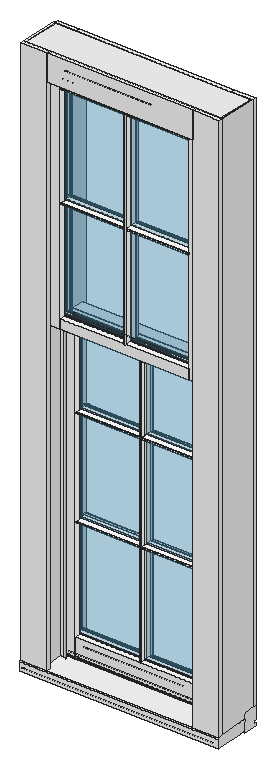
Revit family "B1-46", category Generic Models, Revit 2012 (continued)
Automatic sketch dimensions
  Extrusion 53 sketch curve to Extrusion 53 sketch curve = 0.819 mm
  Extrusion 53 sketch curve to Extrusion 53 sketch curve = 0.456 mm
  plane 1 "Center (Front/Back)" to Extrusion 53 sketch curve = 1.25 mm  (x3)
  plane 15 to Extrusion 53 sketch curve = 7 mm
  Extrusion 53 sketch curve to plane 1 "Center (Front/Back)" = 61.75 mm
  Extrusion 53 sketch curve to Extrusion 53 sketch curve = 4 mm
  plane 12 to Extrusion 53 sketch curve = 4 mm
  plane 12 to Extrusion 53 sketch curve = 5 mm
  Extrusion 53 sketch curve to Extrusion 53 sketch curve = 2.25 mm
  Extrusion 53 sketch curve to Extrusion 53 sketch curve = 0.254 mm
  Extrusion 53 sketch curve to Extrusion 53 sketch curve = 0.508 mm  (x3)
  Extrusion 53 sketch curve to plane 13 = 2 mm
  Extrusion 53 sketch curve to Extrusion 53 sketch curve = 9 mm
  Extrusion 53 sketch curve to Extrusion 53 sketch curve = 8 mm
  Extrusion 53 sketch curve to plane 4 = 6 mm
  plane 7 to Extrusion 54 sketch curve = 0 mm
  plane 5 to Extrusion 54 sketch curve = 0.079 mm
  Extrusion 54 sketch curve to plane 8 = 48.921 mm
  plane 7 to Extrusion 54 sketch curve = 15 mm
  Extrusion 55 sketch curve to plane 6 = 0 mm
  plane 5 to Extrusion 55 sketch curve = 0.079 mm
  plane 1 "Center (Front/Back)" to Extrusion 55 sketch curve = 6.25 mm
  Extrusion 55 sketch curve to plane 8 = 30.921 mm
  Extrusion 56 sketch curve to plane 4 = 0 mm
  Extrusion 56 sketch curve to plane 16 = 0 mm
  plane 1 "Center (Front/Back)" to Extrusion 56 sketch curve = 6.25 mm
  Extrusion 56 sketch curve to plane 16 = 4.175 mm
  plane 7 to Extrusion 56 sketch curve = 54.25 mm
  plane 7 to Extrusion 56 sketch curve = 20.25 mm
  plane 7 to Extrusion 56 sketch curve = 15 mm
  Extrusion 56 sketch curve to Extrusion 56 sketch curve = 4.913 mm  (x2)
  Extrusion 56 sketch curve to Extrusion 56 sketch curve = 3 mm
  plane 14 to Extrusion 56 sketch curve = 2.138 mm
  Extrusion 57 sketch curve to plane 4 = 0 mm
  plane 1 "Center (Front/Back)" to Extrusion 57 sketch curve = 6.25 mm
  Extrusion 57 sketch curve to plane 4 = 6 mm
  plane 7 to Extrusion 57 sketch curve = 15 mm
  Sweep 58 sketch curve to plane 16 = 0 mm
  plane 15 to Sweep 58 sketch curve = 0.005 mm
  Sweep 58 sketch curve to plane 8 = 48.921 mm
  profile plane to Sweep 58 sketch curve = 0 mm
  Sweep 58 sketch curve to Sweep 58 sketch curve = 3 mm
  Sweep 58 sketch curve to Sweep 58 sketch curve = 6 mm
  Sweep 58 sketch curve to profile plane = 176.75 mm
  Sweep 58 sketch curve to Sweep 58 sketch curve = 14 mm
  Extrusion 59 sketch curve to plane 15 = 0 mm
  Extrusion 59 sketch curve to plane 4 = 0 mm
  Extrusion 59 sketch curve to plane 7 = 0 mm
  plane 7 to Extrusion 59 sketch curve = 15 mm  (x2)
  Extrusion 59 sketch curve to Extrusion 59 sketch curve = 5 mm  (x2)
  plane 15 to Extrusion 59 sketch curve = 9 mm
  Extrusion 59 sketch curve to Extrusion 59 sketch curve = 8 mm
  Extrusion 59 sketch curve to plane 4 = 6 mm
  plane 7 to Extrusion 60 sketch curve = 20 mm
  plane 5 to Extrusion 60 sketch curve = 56.079 mm
  Extrusion 60 sketch curve to Extrusion 60 sketch curve = 9 mm  (x3)
  plane 1 "Center (Front/Back)" to Extrusion 60 sketch curve = 1.25 mm  (x2)
  Extrusion 60 sketch curve to Extrusion 60 sketch curve = 8 mm  (x2)
  plane 1 "Center (Front/Back)" to Extrusion 60 sketch curve = 6.25 mm
  Extrusion 60 sketch curve to Extrusion 60 sketch curve = 0 mm
  Extrusion 60 sketch curve to Extrusion 60 sketch curve = 5 mm
  Extrusion 61 sketch curve to plane 8 = 44.922 mm
  Extrusion 61 sketch curve to Extrusion 61 sketch curve = 0 mm  (x2)
  Extrusion 61 sketch curve to Extrusion 61 sketch curve = 3 mm  (x3)
  Extrusion 61 sketch curve to Extrusion 61 sketch curve = 6 mm  (x2)
  Extrusion 61 sketch curve to plane 8 = 4.922 mm
  Extrusion 61 sketch curve to plane 1 "Center (Front/Back)" = 71.5 mm
  Extrusion 61 sketch curve to Extrusion 61 sketch curve = 5 mm
  Extrusion 61 sketch curve to Extrusion 61 sketch curve = 13 mm
  Extrusion 61 sketch curve to Extrusion 61 sketch curve = 12 mm
  Extrusion 61 sketch curve to Extrusion 61 sketch curve = 21 mm
  Extrusion 62 sketch curve to plane 28 = 0 mm  (x2)
  plane 28 to Extrusion 62 sketch curve = 2 mm
  plane 28 to Extrusion 62 sketch curve = 7.449 mm
  plane 28 to Extrusion 62 sketch curve = 7.5 mm
  Extrusion 62 sketch curve to Extrusion 62 sketch curve = 7.036 mm  (x2)
  Extrusion 62 sketch curve to Extrusion 62 sketch curve = 1.928 mm
  Extrusion 62 sketch curve to Extrusion 62 sketch curve = 5 mm  (x2)
  Extrusion 62 sketch curve to Extrusion 62 sketch curve = 2 mm  (x4)
  Extrusion 62 sketch curve to Extrusion 62 sketch curve = 7.551 mm
  Extrusion 62 sketch curve to plane 1 "Center (Front/Back)" = 71.468 mm
  Extrusion 62 sketch curve to Extrusion 62 sketch curve = 8.154 mm
  Extrusion 62 sketch curve to Extrusion 62 sketch curve = 2.8 mm
  Extrusion 62 sketch curve to Extrusion 62 sketch curve = 26.289 mm
  Extrusion 62 sketch curve to Extrusion 62 sketch curve = 6 mm  (x2)
  Extrusion 62 sketch curve to Extrusion 62 sketch curve = 1.693 mm
  Extrusion 62 sketch curve to Extrusion 62 sketch curve = 0 mm
  Extrusion 62 sketch curve to Extrusion 62 sketch curve = 2.5 mm  (x2)
  Extrusion 63 sketch curve to plane 28 = 0 mm
  Extrusion 63 sketch curve to Extrusion 63 sketch curve = 20 mm
  plane 7 to Extrusion 63 sketch curve = 62.035 mm
  Extrusion 63 sketch curve to Extrusion 63 sketch curve = 16 mm
  plane 17 to Extrusion 64 sketch curve = 7.079 mm
  plane 17 to Extrusion 64 sketch curve = 8.579 mm  (x2)
  plane 17 to Extrusion 64 sketch curve = 31.079 mm  (x2)
  Extrusion 64 sketch curve to plane 21 = 28.421 mm  (x2)
  Extrusion 64 sketch curve to plane 1 "Center (Front/Back)" = 7.75 mm
  Extrusion 64 sketch curve to Extrusion 64 sketch curve = 1.5 mm
  Extrusion 64 sketch curve to plane 21 = 6.921 mm
  plane 21 to Extrusion 64 sketch curve = 0.079 mm
  Extrusion 64 sketch curve to Extrusion 64 sketch curve = 14 mm
  Extrusion 64 sketch curve to plane 1 "Center (Front/Back)" = 30.25 mm
  Extrusion 64 sketch curve to Extrusion 64 sketch curve = 22.5 mm  (x2)
  Extrusion 64 sketch curve to Extrusion 64 sketch curve = 9 mm
  Extrusion 64 sketch curve to Extrusion 64 sketch curve = 11.5 mm  (x2)
  Extrusion 64 sketch curve to Extrusion 64 sketch curve = 4 mm
  Extrusion 64 sketch curve to Extrusion 64 sketch curve = 3 mm
  plane 7 to Extrusion 64 sketch curve = 29 mm
  plane 17 to Extrusion 65 sketch curve = 34.062 mm  (x2)
  Extrusion 65 sketch curve to plane 21 = 2.938 mm  (x4)
  plane 21 to Extrusion 65 sketch curve = 0.062 mm  (x2)
  plane 7 to Extrusion 65 sketch curve = 37.812 mm
  Extrusion 65 sketch curve to Extrusion 65 sketch curve = 6.5 mm  (x3)
  Extrusion 65 sketch curve to Extrusion 65 sketch curve = 16 mm  (x2)
  Extrusion 65 sketch curve to Extrusion 65 sketch curve = 42 mm
  Extrusion 65 sketch curve to plane 1 "Center (Front/Back)" = 37.437 mm
  plane 21 to Extrusion 66 sketch curve = 4.078 mm  (x2)
  Extrusion 66 sketch curve to Extrusion 66 sketch curve = 0 mm
  Extrusion 66 sketch curve to Extrusion 66 sketch curve = 3 mm  (x3)
  Extrusion 66 sketch curve to Extrusion 66 sketch curve = 6 mm  (x2)
  plane 22 to Extrusion 66 sketch curve = 4.922 mm
  Extrusion 66 sketch curve to plane 22 = 1.078 mm
  Extrusion 66 sketch curve to plane 22 = 11.078 mm
  plane 7 to Extrusion 66 sketch curve = 21.25 mm
  Extrusion 66 sketch curve to Extrusion 66 sketch curve = 21 mm
  Extrusion 66 sketch curve to Extrusion 66 sketch curve = 12 mm  (x2)
  Extrusion 66 sketch curve to Extrusion 66 sketch curve = 13 mm
  Extrusion 66 sketch curve to Extrusion 66 sketch curve = 2 mm
  Extrusion 66 sketch curve to Extrusion 66 sketch curve = 5 mm
  plane 21 to Extrusion 67 sketch curve = 4.079 mm  (x2)
  Extrusion 67 sketch curve to Extrusion 67 sketch curve = 0 mm
  plane 1 "Center (Front/Back)" to Extrusion 67 sketch curve = 0 mm
  Extrusion 67 sketch curve to Extrusion 67 sketch curve = 3 mm  (x4)
  Extrusion 67 sketch curve to Extrusion 67 sketch curve = 6 mm
  plane 22 to Extrusion 67 sketch curve = 4.921 mm
  Extrusion 67 sketch curve to plane 22 = 1.079 mm
  Extrusion 67 sketch curve to plane 22 = 11.079 mm
  Extrusion 67 sketch curve to plane 1 "Center (Front/Back)" = 10 mm
  Extrusion 67 sketch curve to Extrusion 67 sketch curve = 2 mm
  Extrusion 67 sketch curve to Extrusion 67 sketch curve = 21 mm
  Extrusion 67 sketch curve to Extrusion 67 sketch curve = 12 mm
  Extrusion 67 sketch curve to Extrusion 67 sketch curve = 13 mm
  Extrusion 67 sketch curve to Extrusion 67 sketch curve = 5 mm
  plane 22 to Extrusion 68 sketch curve = 4.921 mm
  Extrusion 68 sketch curve to plane 22 = 0.079 mm
  Extrusion 68 sketch curve to plane 22 = 7.079 mm
  Extrusion 68 sketch curve to Extrusion 68 sketch curve = 1 mm  (x2)
  Extrusion 68 sketch curve to Extrusion 68 sketch curve = 3 mm  (x2)
  Extrusion 68 sketch curve to plane 1 "Center (Front/Back)" = 57 mm
  Extrusion 68 sketch curve to Extrusion 68 sketch curve = 4 mm
  Extrusion 68 sketch curve to Extrusion 68 sketch curve = 8 mm
  Extrusion 69 sketch curve to plane 21 = 2.01 mm
  Extrusion 69 sketch curve to Extrusion 69 sketch curve = 0.361 mm
  Extrusion 69 sketch curve to Extrusion 69 sketch curve = 0.331 mm  (x3)
  Extrusion 69 sketch curve to Extrusion 69 sketch curve = 0.529 mm
  plane 21 to Extrusion 69 sketch curve = 1.893 mm
  Extrusion 69 sketch curve to Extrusion 69 sketch curve = 0.359 mm
  Extrusion 69 sketch curve to Extrusion 69 sketch curve = 0.129 mm  (x2)
  Extrusion 69 sketch curve to Extrusion 69 sketch curve = 0.752 mm
  Extrusion 69 sketch curve to Extrusion 69 sketch curve = 0.163 mm
  plane 21 to Extrusion 69 sketch curve = 3.228 mm
  Extrusion 69 sketch curve to Extrusion 69 sketch curve = 0.097 mm
  Extrusion 69 sketch curve to Extrusion 69 sketch curve = 0.227 mm
  Extrusion 69 sketch curve to Extrusion 69 sketch curve = 0.367 mm
  Extrusion 69 sketch curve to Extrusion 69 sketch curve = 0.604 mm
  Extrusion 69 sketch curve to Extrusion 69 sketch curve = 0.911 mm
  Extrusion 69 sketch curve to Extrusion 69 sketch curve = 0.79 mm  (x2)
  Extrusion 69 sketch curve to Extrusion 69 sketch curve = 1.387 mm
  Extrusion 69 sketch curve to Extrusion 69 sketch curve = 0.62 mm
  Extrusion 69 sketch curve to Extrusion 69 sketch curve = 0.185 mm
  Extrusion 69 sketch curve to Extrusion 69 sketch curve = 0.733 mm
  plane 7 to Extrusion 69 sketch curve = 64.201 mm
  Extrusion 69 sketch curve to Extrusion 69 sketch curve = 0.044 mm
  Extrusion 69 sketch curve to Extrusion 69 sketch curve = 0.155 mm
  Extrusion 69 sketch curve to Extrusion 69 sketch curve = 1.178 mm
  Extrusion 69 sketch curve to Extrusion 69 sketch curve = 0.18 mm
  Extrusion 69 sketch curve to Extrusion 69 sketch curve = 0.545 mm
  Extrusion 69 sketch curve to Extrusion 69 sketch curve = 0.126 mm
  Extrusion 69 sketch curve to Extrusion 69 sketch curve = 3.329 mm
  Extrusion 69 sketch curve to Extrusion 69 sketch curve = 0.782 mm
  Extrusion 69 sketch curve to Extrusion 69 sketch curve = 0.443 mm
  Extrusion 69 sketch curve to Extrusion 69 sketch curve = 0.342 mm
  Extrusion 69 sketch curve to Extrusion 69 sketch curve = 0.534 mm
  Extrusion 69 sketch curve to Extrusion 69 sketch curve = 0.024 mm
  Extrusion 69 sketch curve to Extrusion 69 sketch curve = 1.649 mm
  Extrusion 69 sketch curve to Extrusion 69 sketch curve = 0.066 mm
  Extrusion 70 sketch curve to plane 21 = 2.01 mm
  Extrusion 70 sketch curve to Extrusion 70 sketch curve = 0.402 mm
  Extrusion 70 sketch curve to Extrusion 70 sketch curve = 0.389 mm
  plane 21 to Extrusion 70 sketch curve = 2.251 mm
  Extrusion 70 sketch curve to Extrusion 70 sketch curve = 0.129 mm  (x2)
  Extrusion 70 sketch curve to Extrusion 70 sketch curve = 0.752 mm
  Extrusion 70 sketch curve to Extrusion 70 sketch curve = 0.163 mm
  plane 21 to Extrusion 70 sketch curve = 3.228 mm
  Extrusion 70 sketch curve to Extrusion 70 sketch curve = 0.092 mm
  Extrusion 70 sketch curve to Extrusion 70 sketch curve = 0.227 mm
  Extrusion 70 sketch curve to Extrusion 70 sketch curve = 0.4 mm
  Extrusion 70 sketch curve to Extrusion 70 sketch curve = 0.019 mm
  Extrusion 70 sketch curve to Extrusion 70 sketch curve = 0.794 mm
  Extrusion 70 sketch curve to Extrusion 70 sketch curve = 0.616 mm
  Extrusion 70 sketch curve to Extrusion 70 sketch curve = 0.767 mm
  Extrusion 70 sketch curve to Extrusion 70 sketch curve = 0.79 mm
  Extrusion 70 sketch curve to Extrusion 70 sketch curve = 0.784 mm
  Extrusion 70 sketch curve to Extrusion 70 sketch curve = 0.331 mm  (x2)
  Extrusion 70 sketch curve to plane 1 "Center (Front/Back)" = 52.39 mm
  Extrusion 70 sketch curve to Extrusion 70 sketch curve = 1.707 mm
  Extrusion 70 sketch curve to Extrusion 70 sketch curve = 0.222 mm
  Extrusion 70 sketch curve to Extrusion 70 sketch curve = 0.555 mm
  Extrusion 70 sketch curve to Extrusion 70 sketch curve = 0.865 mm
  Extrusion 70 sketch curve to Extrusion 70 sketch curve = 0.036 mm
  Extrusion 70 sketch curve to Extrusion 70 sketch curve = 0.731 mm
  Extrusion 70 sketch curve to Extrusion 70 sketch curve = 0.077 mm
  Extrusion 70 sketch curve to Extrusion 70 sketch curve = 0.522 mm
  Extrusion 70 sketch curve to Extrusion 70 sketch curve = 0.368 mm
  Extrusion 70 sketch curve to Extrusion 70 sketch curve = 0.552 mm
  Extrusion 70 sketch curve to Extrusion 70 sketch curve = 0.735 mm
  Extrusion 70 sketch curve to Extrusion 70 sketch curve = 0.072 mm
  Extrusion 70 sketch curve to Extrusion 70 sketch curve = 0.083 mm
  plane 21 to Extrusion 71 sketch curve = 5.061 mm
  Extrusion 71 sketch curve to Extrusion 71 sketch curve = 5.328 mm
  plane 7 to Extrusion 71 sketch curve = 16.974 mm
  Extrusion 71 sketch curve to Extrusion 71 sketch curve = 1.303 mm
  plane 21 to Extrusion 72 sketch curve = 5.024 mm
  Extrusion 72 sketch curve to Extrusion 72 sketch curve = 2.083 mm
  Extrusion 72 sketch curve to Extrusion 72 sketch curve = 1.235 mm
  Extrusion 72 sketch curve to Extrusion 72 sketch curve = 2.363 mm
  plane 7 to Extrusion 72 sketch curve = 18.277 mm
  Extrusion 72 sketch curve to Extrusion 72 sketch curve = 4.662 mm
  plane 1 "Center (Front/Back)" to Extrusion 73 sketch curve = 2.034 mm
  plane 21 to Extrusion 73 sketch curve = 6.772 mm
  Extrusion 73 sketch curve to Extrusion 73 sketch curve = 1.26 mm
  Extrusion 73 sketch curve to Extrusion 73 sketch curve = 3.11 mm
  Extrusion 73 sketch curve to Extrusion 73 sketch curve = 0.958 mm
  Extrusion 73 sketch curve to Extrusion 73 sketch curve = 1.305 mm
  Extrusion 74 sketch curve to plane 1 "Center (Front/Back)" = 2.628 mm
  plane 21 to Extrusion 74 sketch curve = 6.886 mm
  plane 1 "Center (Front/Back)" to Extrusion 74 sketch curve = 2.034 mm
  Extrusion 74 sketch curve to Extrusion 74 sketch curve = 2.083 mm
  Extrusion 74 sketch curve to Extrusion 74 sketch curve = 1.235 mm
  Extrusion 74 sketch curve to Extrusion 74 sketch curve = 2.363 mm
  plane 1 "Center (Front/Back)" to Extrusion 75 sketch curve = 1.25 mm  (x2)
  plane 21 to Extrusion 75 sketch curve = 6.079 mm
  Extrusion 75 sketch curve to Extrusion 75 sketch curve = 0.693 mm
  Extrusion 75 sketch curve to Extrusion 75 sketch curve = 0.8 mm  (x2)
  Extrusion 75 sketch curve to Extrusion 75 sketch curve = 1.557 mm
  Extrusion 75 sketch curve to Extrusion 75 sketch curve = 2.435 mm
  Extrusion 75 sketch curve to Extrusion 75 sketch curve = 0.536 mm
  Extrusion 75 sketch curve to Extrusion 75 sketch curve = 0.979 mm
  Extrusion 75 sketch curve to Extrusion 75 sketch curve = 0.786 mm  (x2)
  Extrusion 75 sketch curve to Extrusion 75 sketch curve = 1.303 mm
  Extrusion 75 sketch curve to Extrusion 75 sketch curve = 0.911 mm  (x2)
  Extrusion 75 sketch curve to Extrusion 75 sketch curve = 4 mm
  plane 7 to Extrusion 76 sketch curve = 0 mm
  plane 17 to Extrusion 76 sketch curve = 0.079 mm
  plane 21 to Extrusion 76 sketch curve = 0.079 mm
  plane 7 to Extrusion 76 sketch curve = 15 mm
  plane 6 to Extrusion 77 sketch curve = 0 mm
  plane 17 to Extrusion 77 sketch curve = 0.079 mm
  plane 1 "Center (Front/Back)" to Extrusion 77 sketch curve = 6.25 mm
  plane 21 to Extrusion 77 sketch curve = 18.079 mm
  Extrusion 78 sketch curve to plane 4 = 0 mm
  Extrusion 78 sketch curve to plane 16 = 0 mm
  plane 1 "Center (Front/Back)" to Extrusion 78 sketch curve = 6.25 mm
  Extrusion 78 sketch curve to plane 16 = 4.175 mm
  plane 7 to Extrusion 78 sketch curve = 54.25 mm
  plane 7 to Extrusion 78 sketch curve = 20.25 mm
  plane 7 to Extrusion 78 sketch curve = 15 mm
  Extrusion 78 sketch curve to Extrusion 78 sketch curve = 4.913 mm  (x2)
  Extrusion 78 sketch curve to Extrusion 78 sketch curve = 3 mm
  plane 14 to Extrusion 78 sketch curve = 2.138 mm
  Extrusion 79 sketch curve to plane 21 = 25.921 mm
  Extrusion 79 sketch curve to Extrusion 79 sketch curve = 9 mm  (x2)
  plane 1 "Center (Front/Back)" to Extrusion 79 sketch curve = 1.25 mm  (x2)
  Extrusion 79 sketch curve to Extrusion 79 sketch curve = 8 mm  (x2)
  plane 21 to Extrusion 79 sketch curve = 0.079 mm
  plane 7 to Extrusion 79 sketch curve = 20 mm
  Extrusion 79 sketch curve to Extrusion 79 sketch curve = 0 mm
  Extrusion 79 sketch curve to Extrusion 79 sketch curve = 5 mm  (x2)
  plane 21 to Extrusion 80 sketch curve = 4.078 mm  (x3)
  Extrusion 80 sketch curve to Extrusion 80 sketch curve = 3 mm  (x3)
  Extrusion 80 sketch curve to Extrusion 80 sketch curve = 6 mm  (x2)
  plane 22 to Extrusion 80 sketch curve = 4.922 mm
  plane 7 to Extrusion 80 sketch curve = 21.25 mm
  Extrusion 80 sketch curve to Extrusion 80 sketch curve = 21 mm
  Extrusion 80 sketch curve to Extrusion 80 sketch curve = 12 mm
  Extrusion 80 sketch curve to Extrusion 80 sketch curve = 13 mm
  Extrusion 80 sketch curve to Extrusion 80 sketch curve = 5 mm
  Extrusion 81 sketch curve to plane 23 = 2 mm
  plane 18 to Extrusion 81 sketch curve = 10 mm  (x2)
  Extrusion 81 sketch curve to Extrusion 81 sketch curve = 2 mm  (x4)
  plane 18 to Extrusion 81 sketch curve = 2.5 mm  (x2)
  Extrusion 81 sketch curve to plane 18 = 2.5 mm  (x2)
  Extrusion 81 sketch curve to plane 18 = 8 mm
  Extrusion 81 sketch curve to plane 18 = 10 mm
  Extrusion 81 sketch curve to Extrusion 81 sketch curve = 2.8 mm  (x2)
  Extrusion 81 sketch curve to Extrusion 81 sketch curve = 8.154 mm
  Extrusion 81 sketch curve to Extrusion 81 sketch curve = 0 mm  (x2)
  plane 23 to Extrusion 81 sketch curve = 6 mm
  Extrusion 81 sketch curve to Extrusion 81 sketch curve = 2.5 mm  (x2)
  Extrusion 81 sketch curve to Extrusion 81 sketch curve = 7.5 mm
  plane 18 to Extrusion 82 sketch curve = 10 mm
  Extrusion 82 sketch curve to plane 18 = 10 mm
  Extrusion 82 sketch curve to plane 1 "Center (Front/Back)" = 18 mm
  Extrusion 82 sketch curve to Extrusion 82 sketch curve = 16 mm
  plane 18 to Extrusion 83 sketch curve = 10 mm
  Extrusion 83 sketch curve to plane 18 = 10 mm
  plane 7 to Extrusion 83 sketch curve = 61.953 mm
  Extrusion 83 sketch curve to Extrusion 83 sketch curve = 16 mm
  plane 18 to Extrusion 84 sketch curve = 9.949 mm  (x2)
  Extrusion 84 sketch curve to Extrusion 84 sketch curve = 2 mm  (x4)
  plane 1 "Center (Front/Back)" to Extrusion 84 sketch curve = 0.089 mm  (x2)
  plane 18 to Extrusion 84 sketch curve = 2.5 mm
  plane 18 to Extrusion 84 sketch curve = 2.449 mm
  plane 18 to Extrusion 84 sketch curve = 0.949 mm
  Extrusion 84 sketch curve to plane 18 = 1.051 mm
  Extrusion 84 sketch curve to plane 18 = 2.5 mm
  Extrusion 84 sketch curve to plane 18 = 2.551 mm
  Extrusion 84 sketch curve to Extrusion 84 sketch curve = 7 mm
  Extrusion 84 sketch curve to plane 18 = 10.051 mm
  Extrusion 84 sketch curve to plane 1 "Center (Front/Back)" = 8.065 mm
  Extrusion 84 sketch curve to Extrusion 84 sketch curve = 2.8 mm
  Extrusion 84 sketch curve to Extrusion 84 sketch curve = 28.385 mm
  Extrusion 84 sketch curve to Extrusion 84 sketch curve = 6 mm  (x2)
  Extrusion 84 sketch curve to Extrusion 84 sketch curve = 1.708 mm
  Extrusion 84 sketch curve to Extrusion 84 sketch curve = 0 mm
  Extrusion 85 sketch curve to plane 26 = 5.205 mm  (x2)
  Extrusion 85 sketch curve to Extrusion 85 sketch curve = 2 mm  (x3)
  plane 26 to Extrusion 85 sketch curve = 2.244 mm
  plane 26 to Extrusion 85 sketch curve = 2.295 mm
  plane 26 to Extrusion 85 sketch curve = 3.831 mm
  Extrusion 85 sketch curve to Extrusion 85 sketch curve = 1.928 mm
  Extrusion 85 sketch curve to plane 1 "Center (Front/Back)" = 0.753 mm  (x2)
  Extrusion 85 sketch curve to Extrusion 85 sketch curve = 5 mm  (x2)
  Extrusion 85 sketch curve to Extrusion 85 sketch curve = 7.036 mm
  Extrusion 85 sketch curve to Extrusion 85 sketch curve = 7.551 mm
  plane 1 "Center (Front/Back)" to Extrusion 85 sketch curve = 1.247 mm
  Extrusion 85 sketch curve to plane 1 "Center (Front/Back)" = 8.907 mm
  Extrusion 85 sketch curve to Extrusion 85 sketch curve = 2.8 mm
  Extrusion 85 sketch curve to Extrusion 85 sketch curve = 26.289 mm
  Extrusion 85 sketch curve to Extrusion 85 sketch curve = 6 mm  (x2)
  Extrusion 85 sketch curve to Extrusion 85 sketch curve = 1.693 mm
  Extrusion 85 sketch curve to Extrusion 85 sketch curve = 0 mm
  Extrusion 85 sketch curve to Extrusion 85 sketch curve = 2.5 mm  (x2)
  Extrusion 86 sketch curve to plane 26 = 5.205 mm
  plane 26 to Extrusion 86 sketch curve = 14.795 mm
  Extrusion 86 sketch curve to plane 1 "Center (Front/Back)" = 18 mm
  Extrusion 86 sketch curve to Extrusion 86 sketch curve = 16 mm
  plane 15 to Extrusion 87 sketch curve = 6.875 mm  (x3)
  plane 15 to Extrusion 87 sketch curve = 3.875 mm
  Extrusion 87 sketch curve to Extrusion 87 sketch curve = 3 mm  (x2)
  plane 15 to Extrusion 87 sketch curve = 0.875 mm  (x2)
  plane 27 to Extrusion 87 sketch curve = 14.937 mm
  plane 7 to Extrusion 87 sketch curve = 21.25 mm
  Extrusion 87 sketch curve to Extrusion 87 sketch curve = 21 mm
  Extrusion 87 sketch curve to Extrusion 87 sketch curve = 12 mm
  Extrusion 87 sketch curve to Extrusion 87 sketch curve = 13 mm
  Extrusion 87 sketch curve to Extrusion 87 sketch curve = 5 mm
  plane 15 to Extrusion 88 sketch curve = 7.999 mm  (x2)
  Extrusion 88 sketch curve to Extrusion 88 sketch curve = 0 mm
  plane 1 "Center (Front/Back)" to Extrusion 88 sketch curve = 0 mm
  Extrusion 88 sketch curve to Extrusion 88 sketch curve = 3 mm  (x3)
  plane 15 to Extrusion 88 sketch curve = 1.999 mm  (x2)
  Extrusion 88 sketch curve to plane 12 = 14.001 mm
  plane 27 to Extrusion 88 sketch curve = 10.062 mm
  plane 27 to Extrusion 88 sketch curve = 0.062 mm
  Extrusion 88 sketch curve to plane 1 "Center (Front/Back)" = 10 mm
  Extrusion 88 sketch curve to Extrusion 88 sketch curve = 2 mm
  Extrusion 88 sketch curve to Extrusion 88 sketch curve = 21 mm
  Extrusion 88 sketch curve to Extrusion 88 sketch curve = 12 mm
  Extrusion 88 sketch curve to Extrusion 88 sketch curve = 13 mm
  Extrusion 88 sketch curve to Extrusion 88 sketch curve = 5 mm
  Extrusion 89 sketch curve to plane 29 = 0 mm  (x2)
  plane 29 to Extrusion 89 sketch curve = 2 mm
  plane 29 to Extrusion 89 sketch curve = 7.449 mm
  plane 29 to Extrusion 89 sketch curve = 7.5 mm
  Extrusion 89 sketch curve to Extrusion 89 sketch curve = 7.036 mm  (x2)
  Extrusion 89 sketch curve to Extrusion 89 sketch curve = 1.928 mm
  Extrusion 89 sketch curve to Extrusion 89 sketch curve = 5 mm  (x2)
  Extrusion 89 sketch curve to Extrusion 89 sketch curve = 2 mm  (x4)
  Extrusion 89 sketch curve to Extrusion 89 sketch curve = 7.551 mm
  Extrusion 89 sketch curve to plane 1 "Center (Front/Back)" = 71.468 mm
  Extrusion 89 sketch curve to Extrusion 89 sketch curve = 8.154 mm
  Extrusion 89 sketch curve to Extrusion 89 sketch curve = 2.8 mm
  Extrusion 89 sketch curve to Extrusion 89 sketch curve = 26.289 mm
  Extrusion 89 sketch curve to Extrusion 89 sketch curve = 6 mm  (x2)
  Extrusion 89 sketch curve to Extrusion 89 sketch curve = 1.693 mm
  Extrusion 89 sketch curve to Extrusion 89 sketch curve = 0 mm
  Extrusion 89 sketch curve to Extrusion 89 sketch curve = 2.5 mm  (x2)
  Extrusion 90 sketch curve to plane 29 = 0 mm
  Extrusion 90 sketch curve to Extrusion 90 sketch curve = 20 mm
  plane 7 to Extrusion 90 sketch curve = 62.035 mm
  Extrusion 90 sketch curve to Extrusion 90 sketch curve = 16 mm
  Extrusion 2 sketch curve to plane 10 = 0 mm
  Extrusion 2 sketch curve to plane 10 = 2.602 mm
  Extrusion 2 sketch curve to plane 1 "Center (Front/Back)" = 38 mm
  Extrusion 2 sketch curve to Extrusion 2 sketch curve = 3 mm
  plane 10 to Extrusion 2 sketch curve = 1.398 mm
  Extrusion 2 sketch curve to Extrusion 2 sketch curve = 1 mm  (x3)
  Extrusion 2 sketch curve to Extrusion 2 sketch curve = 22 mm
  Extrusion 2 sketch curve to Extrusion 2 sketch curve = 18 mm
  Extrusion 2 sketch curve to Extrusion 2 sketch curve = 4 mm  (x2)
  plane 11 to Extrusion 2 sketch curve = 17.684 mm
  Extrusion 2 sketch curve to Extrusion 2 sketch curve = 4.842 mm
  plane 11 to Extrusion 2 sketch curve = 16.398 mm
  Extrusion 2 sketch curve to Extrusion 2 sketch curve = 0.158 mm
  Extrusion 2 sketch curve to Extrusion 2 sketch curve = 0.817 mm
  Extrusion 2 sketch curve to plane 10 = 13.602 mm
  Extrusion 2 sketch curve to Extrusion 2 sketch curve = 6 mm
  Extrusion 2 sketch curve to Extrusion 2 sketch curve = 0.597 mm  (x2)
  plane 11 to Extrusion 2 sketch curve = 6.398 mm
  Extrusion 2 sketch curve to Extrusion 2 sketch curve = 7 mm
  Extrusion 2 sketch curve to Extrusion 2 sketch curve = 2.828 mm
  Extrusion 2 sketch curve to Extrusion 2 sketch curve = 0.485 mm
  Extrusion 2 sketch curve to Extrusion 2 sketch curve = 1.127 mm
  Extrusion 2 sketch curve to Extrusion 2 sketch curve = 1.388 mm
  plane 11 to Extrusion 2 sketch curve = 1.398 mm  (x2)
  Extrusion 2 sketch curve to Extrusion 2 sketch curve = 0.658 mm
  Extrusion 2 sketch curve to Extrusion 2 sketch curve = 4.813 mm
  Extrusion 2 sketch curve to Extrusion 2 sketch curve = 1.408 mm
  Extrusion 2 sketch curve to Extrusion 2 sketch curve = 12 mm
  Extrusion 2 sketch curve to Extrusion 2 sketch curve = 26.5 mm
  Extrusion 2 sketch curve to Extrusion 2 sketch curve = 2.797 mm
  Extrusion 2 sketch curve to Extrusion 2 sketch curve = 0.678 mm
  Extrusion 2 sketch curve to Extrusion 2 sketch curve = 1.861 mm
  Extrusion 2 sketch curve to Extrusion 2 sketch curve = 1.112 mm
  plane 11 to Extrusion 2 sketch curve = 17.398 mm
  Extrusion 2 sketch curve to Extrusion 2 sketch curve = 0.857 mm
  Extrusion 2 sketch curve to Extrusion 2 sketch curve = 2.599 mm
  Extrusion 2 sketch curve to plane 10 = 3.602 mm
  Extrusion 1 sketch curve to plane 1 "Center (Front/Back)" = 0 mm
  Extrusion 1 sketch curve to plane 11 = 0 mm
  plane 10 to Extrusion 1 sketch curve = 1.398 mm
  Extrusion 1 sketch curve to plane 1 "Center (Front/Back)" = 10 mm
  Extrusion 1 sketch curve to plane 1 "Center (Front/Back)" = 12 mm
  Extrusion 1 sketch curve to plane 10 = 0.602 mm
  Extrusion 1 sketch curve to Extrusion 1 sketch curve = 6 mm  (x2)
  Extrusion 1 sketch curve to Extrusion 1 sketch curve = 30.175 mm
  Extrusion 1 sketch curve to Extrusion 1 sketch curve = 16 mm  (x2)
  Extrusion 1 sketch curve to Extrusion 1 sketch curve = 20 mm
  Extrusion 1 sketch curve to Extrusion 1 sketch curve = 1.407 mm
  Extrusion 1 sketch curve to Extrusion 1 sketch curve = 5.47 mm
  Extrusion 1 sketch curve to Extrusion 1 sketch curve = 1.388 mm
  Extrusion 1 sketch curve to plane 10 = 12.773 mm
  Extrusion 1 sketch curve to Extrusion 1 sketch curve = 0.641 mm
  Extrusion 1 sketch curve to plane 10 = 10.088 mm
  Extrusion 1 sketch curve to Extrusion 1 sketch curve = 1.127 mm
  Extrusion 1 sketch curve to Extrusion 1 sketch curve = 2.057 mm
  Extrusion 1 sketch curve to Extrusion 1 sketch curve = 0.597 mm
  Extrusion 1 sketch curve to Extrusion 1 sketch curve = 0.817 mm  (x2)
  plane 11 to Extrusion 1 sketch curve = 3.398 mm
  Extrusion 1 sketch curve to Extrusion 1 sketch curve = 29 mm
  Extrusion 1 sketch curve to Extrusion 1 sketch curve = 4 mm  (x4)
  plane 11 to Extrusion 1 sketch curve = 5.398 mm
  Extrusion 1 sketch curve to Extrusion 1 sketch curve = 3 mm  (x3)
  plane 11 to Extrusion 1 sketch curve = 1.398 mm
  Extrusion 1 sketch curve to Extrusion 1 sketch curve = 1 mm  (x2)
  Extrusion 1 sketch curve to Extrusion 1 sketch curve = 8 mm
  Extrusion 1 sketch curve to Extrusion 1 sketch curve = 10 mm
  Extrusion 1 sketch curve to Extrusion 1 sketch curve = 4.829 mm
  Extrusion 1 sketch curve to Extrusion 1 sketch curve = 0.86 mm
  Extrusion 1 sketch curve to Extrusion 1 sketch curve = 1.157 mm
  Extrusion 1 sketch curve to plane 10 = 14.602 mm
  Extrusion 1 sketch curve to Extrusion 1 sketch curve = 0.824 mm
  Extrusion 1 sketch curve to plane 10 = 8.602 mm
  radius of Extrusion 36 sketch curve = 3.5 mm  (x2)
  radius of Extrusion 64 sketch curve = 3.5 mm  (x2)
Types (3, lengths in mm): name | Width | Height | GlazingPanelMaterial | Floor Material
  Window Sill drawing | 757 | 2144 | Glass | White
  Access Manager | 1250 | 1250 | none | none
  window family | 757 | 2144 | Glass | 1.12A ANCHOR FIXING
